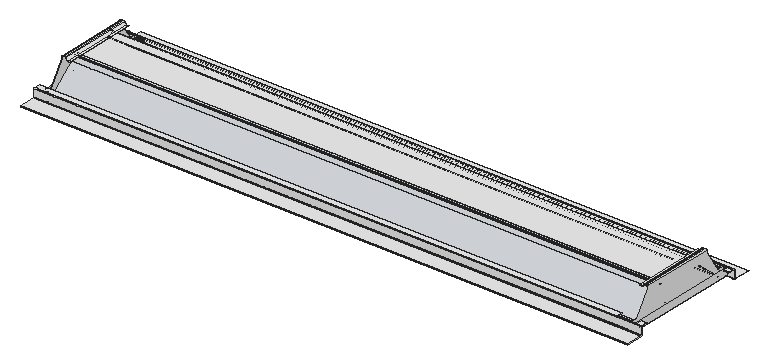
Revit family "LRK-TRH1X4", category Lighting Fixtures, host Ceiling, Revit 2019
Family settings
  Host = Ceiling
  Round Connector Dimension = Use Diameter
  Part Type = Normal
  OmniClass Number = 23.80.70.11.14.17
  OmniClass Title = Direct/Indirect
  Always vertical = Yes
  Cut with Voids When Loaded = No
  Light Source = Yes
  Shared = No
  Room Calculation Point = No
Parameters (values of type "LRK-TRH1X4-LED840K040LUNV")
  Width = 0' - 11 7/8"
  Wattage = 29 W
  built-in parameter 1150110 = 1 (stored number, unit not read)
  Voltage = 120 V
  URL = "https://www.viscor.com/en/products/lrk-trh"
  built-in parameter 1114217 = 0.9 (stored number, unit not read)
  Tilt Angle = 90.00°
  built-in parameter 1150109 = 1 (stored number, unit not read)
  built-in parameter 1150134 = 12
  built-in parameter 1150113 = 1 (stored number, unit not read)
  Photometric Web File = "LRK-TRH1X4-LED840K040LUNV.ies"
  Model = "LRK-TRH"  # constant formula
  Manufacturer = "VISIONEERING by VISCOR"  # constant formula
  Lumens = 3944 lm
  built-in parameter 1150115 = 1 (stored number, unit not read)
  built-in parameter 1150105 = 313.85 (stored number, unit not read)
  built-in parameter 1150137 = (empty or 0)
  built-in parameter 1150139 = (empty or 0)
  Lens Finish = Acrylic - Viscor - Frosted Round Linear Ribbed
  Lens Depth = 0' - 0 1/16"
  Length = 3' - 11 7/8"
  Lamp Wattage = 29 VA
  built-in parameter 1150112 = 1 (stored number, unit not read)
  built-in parameter 1150114 = 1 (stored number, unit not read)
  Lamp = "LED"  # constant formula
  built-in parameter 1150132 = (empty or 0)
  built-in parameter 1150102 = (empty or 0)
  built-in parameter 1150138 = (empty or 0)
  built-in parameter 1150107 = 4000 (stored number, unit not read)
  built-in parameter 1150106 = 3.1385 (stored number, unit not read)
  Housing Finish = Metal - Viscor - White
  Emit from Rectangle Width = Width  # 0' - 11 7/8"
  Emit from Rectangle Length = Length  # 3' - 11 7/8"
  Emit from Rectangle Height = Lens Depth  # 0' - 0 1/16"
  Emit Shape Visible in Rendering = no
  built-in parameter 1150104 = 12.635 (stored number, unit not read)
  Dimming Lamp Color Temperature Shift = <None>
  Description = "LED Recessed Troffer Retrofit Kit - Type H"  # constant formula
  Color Filter = 16777215
  built-in parameter 1114218 = 1 (stored number, unit not read)
  built-in parameter 1150133 = 10 (stored number, unit not read)
  Assembly Code = "D5020200"
  Apparent Load = Lamp Wattage  # 29 VA
Types (3): name | Wattage | Photometric Web File | Lumens | built-in parameter 1150105 | Lamp Wattage | built-in parameter 1150106 | built-in parameter 1150104 | Apparent Load
  (no name) | 29 W | "LRK-TRH1X4-LED840K040LUNV.ies" | 3944 lm | 313.85 (stored number, unit not read) | 29 VA | 3.1385 (stored number, unit not read) | 12.635 (stored number, unit not read) | 29 VA
  LRK-TRH1X4-LED840K032LUNV | 23 W | "LRK-TRH1X4-LED840K032LUNV.ies" | 3151 lm | 250.75 (stored number, unit not read) | 23 VA | 2.5075 (stored number, unit not read) | 12.728 (stored number, unit not read) | 23 VA
  LRK-TRH1X4-LED840K040LUNV | 29 W | "LRK-TRH1X4-LED840K040LUNV.ies" | 3944 lm | 313.85 (stored number, unit not read) | 29 VA | 3.1385 (stored number, unit not read) | 12.635 (stored number, unit not read) | 29 VA
Reference planes (in)
  plane 1 "Light Source Axis (F/B)": y = 0
  plane 2 "Ceiling": z = 96
  plane 3 "Light Source Axis (L/R)": x = 0
  plane 4 "Light Source Elevation": z = 95.9375
  plane 5: y = 5.9375
  plane 6: y = -5.9375
  plane 7: x = -23.9375
  plane 8: x = 23.9375
  plane 9 "Lens Depth": z = 95.9375
  plane 10: x = -23.3515
  plane 11: x = 23.3515
  plane 12: x = -23.062
  plane 13: x = 23.062
  plane 14: y = 4.5
  plane 15: y = -4.5
Forms (in)
  Extrusion 1, solid, material "Metal - Viscor - White" <- "Housing Finish"
    sketch origin (0, 0, 0) x (0, 1, 0) y (0, 0, 1)
      loop
        line (1.54863, 97.90646) -> (4.187, 95.999) -> (4.438, 95.999)
        arc (4.438, 95.999) -> (4.48184, 96.01716) -> (4.5, 96.061) r 0.062
        line (4.5, 96.061) -> (4.5, 96.625)
        arc (4.5, 96.625) -> (4.48184, 96.66884) -> (4.438, 96.687) r 0.062
        line (4.438, 96.687) -> (4.25, 96.687) -> (4.25, 96.65575) -> (4.438, 96.65575)
        arc (4.438, 96.65575) -> (4.45974, 96.64674) -> (4.46875, 96.625) r 0.03075
        line (4.46875, 96.625) -> (4.46875, 96.061)
        arc (4.46875, 96.061) -> (4.45974, 96.03926) -> (4.438, 96.03025) r 0.03075
        line (4.438, 96.03025) -> (4.19041, 96.03025) -> (1.55537, 97.93697)
        arc (1.55537, 97.93697) -> (1.53213, 97.95968) -> (1.54223, 97.99056) r 0.03075
        line (1.54223, 97.99056) -> (1.62626, 98.06106) -> (1.8147, 98.21919)
        arc (1.8147, 98.21919) -> (1.83556, 98.29703) -> (1.76955, 98.34325) r 0.07025
        line (1.76955, 98.34325) -> (-1.76955, 98.34325)
        arc (-1.76955, 98.34325) -> (-1.83556, 98.29703) -> (-1.8147, 98.21919) r 0.07025
        line (-1.8147, 98.21919) -> (-1.62626, 98.06106) -> (-1.54223, 97.99056)
        arc (-1.54223, 97.99056) -> (-1.53213, 97.95968) -> (-1.55537, 97.93697) r 0.03075
        line (-1.55537, 97.93697) -> (-4.19041, 96.03025) -> (-4.438, 96.03025)
        arc (-4.438, 96.03025) -> (-4.45974, 96.03926) -> (-4.46875, 96.061) r 0.03075
        line (-4.46875, 96.061) -> (-4.46875, 96.625)
        arc (-4.46875, 96.625) -> (-4.45974, 96.64674) -> (-4.438, 96.65575) r 0.03075
        line (-4.438, 96.65575) -> (-4.25, 96.65575) -> (-4.25, 96.687) -> (-4.438, 96.687)
        arc (-4.438, 96.687) -> (-4.48184, 96.66884) -> (-4.5, 96.625) r 0.062
        line (-4.5, 96.625) -> (-4.5, 96.061)
        arc (-4.5, 96.061) -> (-4.48184, 96.01716) -> (-4.438, 95.999) r 0.062
        line (-4.438, 95.999) -> (-4.187, 95.999) -> (-1.54863, 97.90646)
        arc (-1.54863, 97.90646) -> (-1.50178, 97.95224) -> (-1.52215, 98.01449) r 0.062
        line (-1.52215, 98.01449) -> (-1.60617, 98.085) -> (-1.79462, 98.24312)
        arc (-1.79462, 98.24312) -> (-1.8062, 98.28634) -> (-1.76955, 98.312) r 0.039
        line (-1.76955, 98.312) -> (1.76955, 98.312)
        arc (1.76955, 98.312) -> (1.8062, 98.28634) -> (1.79462, 98.24312) r 0.039
        line (1.79462, 98.24312) -> (1.60617, 98.085) -> (1.52215, 98.01449)
        arc (1.52215, 98.01449) -> (1.50178, 97.95224) -> (1.54863, 97.90646) r 0.062
    from -23.062 to 23.062
  Extrusion 2, solid, material "Metal - Viscor - White" <- "Housing Finish"
    sketch origin (0, 0, 0) x (0, 1, 0) y (0, 0, 1)
      loop
        arc (4.5235, 96.687) -> (4.55108, 96.67558) -> (4.5625, 96.648) r 0.039
        line (4.5625, 96.648) -> (4.5625, 96.069)
        arc (4.5625, 96.069) -> (4.58271, 96.02021) -> (4.6315, 96) r 0.069
        line (4.6315, 96) -> (5.9375, 96) -> (5.9375, 96.03125) -> (4.6315, 96.03125)
        arc (4.6315, 96.03125) -> (4.60481, 96.04231) -> (4.59375, 96.069) r 0.03775
        line (4.59375, 96.069) -> (4.59375, 96.648)
        arc (4.59375, 96.648) -> (4.57317, 96.69767) -> (4.5235, 96.71825) r 0.07025
        line (4.5235, 96.71825) -> (4.0625, 96.71825) -> (4.0625, 96.687) -> (4.5235, 96.687)
    from -23.9375 to 23.9375
  Extrusion 3, solid, material "Metal - Viscor - White" <- "Housing Finish"
    sketch origin (0, 0, 0) x (0, -1, 0) y (0, 0, -1)
      loop
        line (4.5235, -96.687) -> (4.0625, -96.687) -> (4.0625, -96.71825) -> (4.5235, -96.71825)
        arc (4.5235, -96.71825) -> (4.57317, -96.69767) -> (4.59375, -96.648) r 0.07025
        line (4.59375, -96.648) -> (4.59375, -96.069)
        arc (4.59375, -96.069) -> (4.60481, -96.04231) -> (4.6315, -96.03125) r 0.03775
        line (4.6315, -96.03125) -> (5.9375, -96.03125) -> (5.9375, -96) -> (4.6315, -96)
        arc (4.6315, -96) -> (4.58271, -96.02021) -> (4.5625, -96.069) r 0.069
        line (4.5625, -96.069) -> (4.5625, -96.648)
        arc (4.5625, -96.648) -> (4.55108, -96.67558) -> (4.5235, -96.687) r 0.039
    from -23.9375 to 23.9375
  Extrusion 4, solid, material "Metal - Viscor - White" <- "Housing Finish"
    sketch origin (0, 0, 0) x (1, 0, 0) y (0, 0, 1)
      loop
        line (-23.374, 96.648) -> (-23.374, 96.085)
        arc (-23.374, 96.085) -> (-23.35584, 96.04116) -> (-23.312, 96.023) r 0.062
        line (-23.312, 96.023) -> (-23.124, 96.023)
        arc (-23.124, 96.023) -> (-23.08016, 96.04116) -> (-23.062, 96.085) r 0.062
        line (-23.062, 96.085) -> (-23.062, 98.484)
        arc (-23.062, 98.484) -> (-23.05058, 98.51158) -> (-23.023, 98.523) r 0.039
        line (-23.023, 98.523) -> (-22.82953, 98.523)
        arc (-22.82953, 98.523) -> (-22.81354, 98.51957) -> (-22.80036, 98.50988) r 0.039
        line (-22.80036, 98.50988) -> (-22.66458, 98.35685)
        arc (-22.66458, 98.35685) -> (-22.64362, 98.34145) -> (-22.6182, 98.336) r 0.062
        line (-22.6182, 98.336) -> (-22.39608, 98.336) -> (-22.39608, 98.36725) -> (-22.63203, 98.36725) -> (-22.77699, 98.53062)
        arc (-22.77699, 98.53062) -> (-22.80073, 98.54807) -> (-22.82953, 98.55425) r 0.07025
        line (-22.82953, 98.55425) -> (-23.023, 98.55425)
        arc (-23.023, 98.55425) -> (-23.07267, 98.53367) -> (-23.09325, 98.484) r 0.07025
        line (-23.09325, 98.484) -> (-23.09325, 96.085)
        arc (-23.09325, 96.085) -> (-23.10226, 96.06326) -> (-23.124, 96.05425) r 0.03075
        line (-23.124, 96.05425) -> (-23.312, 96.05425)
        arc (-23.312, 96.05425) -> (-23.33374, 96.06326) -> (-23.34275, 96.085) r 0.03075
        line (-23.34275, 96.085) -> (-23.34275, 96.648) -> (-23.374, 96.648)
    from -4.5 to 4.5
  Extrusion 5, solid, material "Metal - Viscor - White" <- "Housing Finish"
    sketch origin (0, 0, 0) x (-1, 0, 0) y (0, 0, -1)
      loop
        line (-23.374, -96.648) -> (-23.34275, -96.648) -> (-23.34275, -96.085)
        arc (-23.34275, -96.085) -> (-23.33374, -96.06326) -> (-23.312, -96.05425) r 0.03075
        line (-23.312, -96.05425) -> (-23.124, -96.05425)
        arc (-23.124, -96.05425) -> (-23.10226, -96.06326) -> (-23.09325, -96.085) r 0.03075
        line (-23.09325, -96.085) -> (-23.09325, -98.484)
        arc (-23.09325, -98.484) -> (-23.07267, -98.53367) -> (-23.023, -98.55425) r 0.07025
        line (-23.023, -98.55425) -> (-22.82953, -98.55425)
        arc (-22.82953, -98.55425) -> (-22.80073, -98.54807) -> (-22.77699, -98.53062) r 0.07025
        line (-22.77699, -98.53062) -> (-22.63203, -98.36725) -> (-22.39608, -98.36725) -> (-22.39608, -98.336) -> (-22.6182, -98.336)
        arc (-22.6182, -98.336) -> (-22.64362, -98.34145) -> (-22.66458, -98.35685) r 0.062
        line (-22.66458, -98.35685) -> (-22.80036, -98.50988)
        arc (-22.80036, -98.50988) -> (-22.81354, -98.51957) -> (-22.82953, -98.523) r 0.039
        line (-22.82953, -98.523) -> (-23.023, -98.523)
        arc (-23.023, -98.523) -> (-23.05058, -98.51158) -> (-23.062, -98.484) r 0.039
        line (-23.062, -98.484) -> (-23.062, -96.085)
        arc (-23.062, -96.085) -> (-23.08016, -96.04116) -> (-23.124, -96.023) r 0.062
        line (-23.124, -96.023) -> (-23.312, -96.023)
        arc (-23.312, -96.023) -> (-23.35584, -96.04116) -> (-23.374, -96.085) r 0.062
        line (-23.374, -96.085) -> (-23.374, -96.648)
    from -4.5 to 4.5
  Extrusion 6, solid, material "Acrylic - Viscor - Frosted Round Linear Ribbed" <- "Lens Finish"
    sketch origin (0, 0, 0) x (0, 1, 0) y (0, 0, 1)
      loop
        arc (1.74413, 98.11758) -> (1.76336, 98.12963) -> (1.75896, 98.15188) r 0.02
        arc (1.75896, 98.15188) -> (1.73517, 98.16783) -> (1.70726, 98.17425) r 0.079
        line (1.70726, 98.17425) -> (1.59836, 98.179)
        arc (1.59836, 98.179) -> (1.50702, 98.15404) -> (1.44725, 98.0806) r 0.155
        line (1.44725, 98.0806) -> (1.41551, 97.99945)
        arc (1.41551, 97.99945) -> (1.42752, 97.86383) -> (1.54286, 97.79148) r 0.153
        line (1.54286, 97.79148) -> (1.97373, 97.74862)
        arc (1.97373, 97.74862) -> (2.00709, 97.73719) -> (2.03186, 97.7121) r 0.07705
        line (2.03186, 97.7121) -> (2.16058, 97.50129)
        arc (2.16058, 97.50129) -> (2.165, 97.48506) -> (2.16004, 97.46898) r 0.03019
        arc (2.16004, 97.46898) -> (0, 96.304) -> (-2.16004, 97.46898) r 2.585
        arc (-2.16004, 97.46898) -> (-2.165, 97.48506) -> (-2.16058, 97.50129) r 0.03019
        line (-2.16058, 97.50129) -> (-2.03186, 97.7121)
        arc (-2.03186, 97.7121) -> (-2.00709, 97.73719) -> (-1.97373, 97.74862) r 0.07705
        line (-1.97373, 97.74862) -> (-1.54286, 97.79148)
        arc (-1.54286, 97.79148) -> (-1.42752, 97.86383) -> (-1.41551, 97.99945) r 0.153
        line (-1.41551, 97.99945) -> (-1.44725, 98.0806)
        arc (-1.44725, 98.0806) -> (-1.50702, 98.15404) -> (-1.59836, 98.179) r 0.155
        line (-1.59836, 98.179) -> (-1.70726, 98.17425)
        arc (-1.70726, 98.17425) -> (-1.73517, 98.16783) -> (-1.75896, 98.15188) r 0.079
        arc (-1.75896, 98.15188) -> (-1.76336, 98.12963) -> (-1.74413, 98.11758) r 0.02
        line (-1.74413, 98.11758) -> (-1.59596, 98.12405)
        arc (-1.59596, 98.12405) -> (-1.53703, 98.10795) -> (-1.49847, 98.06057) r 0.1
        line (-1.49847, 98.06057) -> (-1.46673, 97.97942)
        arc (-1.46673, 97.97942) -> (-1.47442, 97.89255) -> (-1.5483, 97.84621) r 0.098
        line (-1.5483, 97.84621) -> (-1.97917, 97.80335)
        arc (-1.97917, 97.80335) -> (-2.03635, 97.78377) -> (-2.07881, 97.74076) r 0.13205
        line (-2.07881, 97.74076) -> (-2.20752, 97.52995)
        arc (-2.20752, 97.52995) -> (-2.21999, 97.48414) -> (-2.206, 97.43876) r 0.08519
        arc (-2.206, 97.43876) -> (0, 96.249) -> (2.206, 97.43876) r 2.64
        arc (2.206, 97.43876) -> (2.21999, 97.48414) -> (2.20752, 97.52995) r 0.08519
        line (2.20752, 97.52995) -> (2.07881, 97.74076)
        arc (2.07881, 97.74076) -> (2.03635, 97.78377) -> (1.97917, 97.80335) r 0.13205
        line (1.97917, 97.80335) -> (1.5483, 97.84621)
        arc (1.5483, 97.84621) -> (1.47442, 97.89255) -> (1.46673, 97.97942) r 0.098
        line (1.46673, 97.97942) -> (1.49847, 98.06057)
        arc (1.49847, 98.06057) -> (1.53703, 98.10795) -> (1.59596, 98.12405) r 0.1
        line (1.59596, 98.12405) -> (1.74413, 98.11758)
    from -23.062 to 23.062
  Extrusion 7, solid
    sketch origin (0, 0, 0) x (0, 1, 0) y (0, 0, 1)
      loop
        line (1.76955, 98.34325) -> (-1.76955, 98.34325)
        arc (-1.76955, 98.34325) -> (-1.83556, 98.29703) -> (-1.8147, 98.21919) r 0.07025
        line (-1.8147, 98.21919) -> (-1.62626, 98.06106) -> (-1.54223, 97.99056)
        arc (-1.54223, 97.99056) -> (-1.53213, 97.95968) -> (-1.55537, 97.93697) r 0.03075
        line (-1.55537, 97.93697) -> (-2.04361, 97.82916) -> (-4.19041, 96.03025) -> (-4.438, 96.03025)
        arc (-4.438, 96.03025) -> (-4.45974, 96.03926) -> (-4.46875, 96.061) r 0.03075
        line (-4.46875, 96.061) -> (-4.46875, 96.625)
        arc (-4.46875, 96.625) -> (-4.45974, 96.64674) -> (-4.438, 96.65575) r 0.03075
        line (-4.438, 96.65575) -> (-4.25, 96.65575) -> (-4.25, 96.687) -> (-4.438, 96.687)
        arc (-4.438, 96.687) -> (-4.48184, 96.66884) -> (-4.5, 96.625) r 0.062
        line (-4.5, 96.625) -> (-4.5, 96.061)
        arc (-4.5, 96.061) -> (-4.48184, 96.01716) -> (-4.438, 95.999) r 0.062
        line (-4.438, 95.999) -> (-4.17905, 95.999) -> (-2.0294, 97.8003) -> (-1.54863, 97.90646)
        arc (-1.54863, 97.90646) -> (-1.50178, 97.95224) -> (-1.52215, 98.01449) r 0.062
        line (-1.52215, 98.01449) -> (-1.60617, 98.085) -> (-1.79462, 98.24312)
        arc (-1.79462, 98.24312) -> (-1.8062, 98.28634) -> (-1.76955, 98.312) r 0.039
        line (-1.76955, 98.312) -> (1.76955, 98.312)
        arc (1.76955, 98.312) -> (1.8062, 98.28634) -> (1.79462, 98.24312) r 0.039
        line (1.79462, 98.24312) -> (1.60617, 98.085) -> (1.52215, 98.01449)
        arc (1.52215, 98.01449) -> (1.50178, 97.95224) -> (1.54863, 97.90646) r 0.062
        line (1.54863, 97.90646) -> (2.0294, 97.8003) -> (4.17905, 95.999) -> (4.438, 95.999)
        arc (4.438, 95.999) -> (4.48184, 96.01716) -> (4.5, 96.061) r 0.062
        line (4.5, 96.061) -> (4.5, 96.625)
        arc (4.5, 96.625) -> (4.48184, 96.66884) -> (4.438, 96.687) r 0.062
        line (4.438, 96.687) -> (4.25, 96.687) -> (4.25, 96.65575) -> (4.438, 96.65575)
        arc (4.438, 96.65575) -> (4.45974, 96.64674) -> (4.46875, 96.625) r 0.03075
        line (4.46875, 96.625) -> (4.46875, 96.061)
        arc (4.46875, 96.061) -> (4.45974, 96.03926) -> (4.438, 96.03025) r 0.03075
        line (4.438, 96.03025) -> (4.19041, 96.03025) -> (2.04361, 97.82916) -> (1.55537, 97.93697)
        arc (1.55537, 97.93697) -> (1.53213, 97.95968) -> (1.54223, 97.99056) r 0.03075
        line (1.54223, 97.99056) -> (1.62626, 98.06106) -> (1.8147, 98.21919)
        arc (1.8147, 98.21919) -> (1.83556, 98.29703) -> (1.76955, 98.34325) r 0.07025
    from -23.062 to 23.062
  Extrusion 8, void
    sketch origin (-23.062, 0, 98.484) x (0, 0, 1) y (0, 1, 0)
      loop
        line (-1.836, 3.94729) -> (-0.17975, 2.87171) -> (0.07025, 2.87171) -> (0.07025, 4.5) -> (-1.836, 4.5) -> (-1.836, 3.94729)
    from -0.66592 to 0.44508
  Extrusion 9, void
    sketch origin (-23.062, 0, 98.484) x (0, 0, 1) y (0, 1, 0)
      loop
        line (-1.836, -3.94729) -> (-1.836, -4.5) -> (0.07025, -4.5) -> (0.07025, -2.87171) -> (-0.17975, -2.87171) -> (-1.836, -3.94729)
    from -0.66592 to 0.44508
  Extrusion 10, void
    sketch origin (23.062, 0, 98.484) x (0, 0, 1) y (0, -1, 0)
      loop
        line (-1.836, -3.94729) -> (-1.836, -4.5) -> (0.07025, -4.5) -> (0.07025, -2.87171) -> (-0.17975, -2.87171) -> (-1.836, -3.94729)
    from -0.66592 to 0.44508
  Extrusion 11, void
    sketch origin (23.062, 0, 98.484) x (0, 0, 1) y (0, -1, 0)
      loop
        line (-1.836, 3.94729) -> (-0.17975, 2.87171) -> (0.07025, 2.87171) -> (0.07025, 4.5) -> (-1.836, 4.5) -> (-1.836, 3.94729)
    from -0.66592 to 0.44508
  Extrusion 12, void
    sketch origin (23.062, 0, 98.484) x (0, 0, 1) y (0, -1, 0)
      loop
        line (-0.17975, 2.87171) -> (0.07025, 2.87171) -> (0.07025, 4.5) -> (-1.836, 4.5) -> (-1.836, 3.94729) -> (-0.17975, 2.87171)
    from -1.09405 to 0.44508
  Extrusion 13, void
    sketch origin (23.062, 0, 98.484) x (0, 0, 1) y (0, -1, 0)
      loop
        line (-0.17975, -2.87171) -> (-1.836, -3.94729) -> (-1.836, -4.5) -> (0.07025, -4.5) -> (0.07025, -2.87171) -> (-0.17975, -2.87171)
    from -1.09405 to 0.44508
  Extrusion 14, void
    sketch origin (0, 0, 96) x (1, 0, 0) y (0, 1, 0)
      loop
        line (-24, -5.9375) -> (23.9375, -5.9375) -> (23.9375, 5.9375) -> (-24, 5.9375) -> (-24, -5.9375)
    from -0.2026 to 2.70224
Cuts and joins
  Extrusion 8, Extrusion 9, Extrusion 10 cuts Extrusion 2
  Extrusion 8, Extrusion 9, Extrusion 10, Extrusion 11 cuts Extrusion 4
  Extrusion 11, Extrusion 12, Extrusion 13 cuts Extrusion 3
  Extrusion 12, Extrusion 13 cuts Extrusion 5
Dimensions and locks (in)
  equal spacing: host sketch curve, plane 3 "Light Source Axis (L/R)", host sketch curve
  equal spacing: host sketch curve, plane 1 "Light Source Axis (F/B)", host sketch curve
  host sketch curve to host sketch curve = 10' - 0"  (x2)
  equal spacing: plane 7, plane 3 "Light Source Axis (L/R)", plane 8
  "Length": plane 7 to plane 8
  equal spacing: plane 5, plane 1 "Light Source Axis (F/B)", plane 6
  "Width": plane 5 to plane 6
  "Emit from Rectangle Height": plane 4 "Light Source Elevation" to plane 2 "Ceiling"
  "Lens Depth": plane 2 "Ceiling" to plane 9 "Lens Depth"
  locked: plane 7 to plane 10 at 0.586
  locked: plane 11 to plane 8 at 0.586
  locked: plane 12 to plane 10 at 0.2895
  locked: plane 11 to plane 13 at 0.2895
  locked: plane 5 to plane 14 at 1.4375
  locked: plane 15 to plane 6 at 1.4375
  aligned and locked: plane 3 "Light Source Axis (L/R)" to imposter light
  aligned and locked: plane 1 "Light Source Axis (F/B)" to imposter light
  aligned and locked: plane 4 "Light Source Elevation" to imposter light
  aligned and locked: plane 8 to Extrusion 2
  aligned and locked: Extrusion 2 to plane 7
  aligned and locked: Extrusion 3 to plane 7
  aligned and locked: plane 8 to Extrusion 3
  aligned and locked: plane 14 to Extrusion 4
  aligned and locked: Extrusion 4 to plane 15
  aligned and locked: plane 14 to Extrusion 5
  aligned and locked: Extrusion 5 to plane 15
  aligned and locked: plane 12 to Extrusion 6
  aligned and locked: Extrusion 6 to plane 13
  aligned and locked: plane 12 to Extrusion 1
  aligned and locked: Extrusion 1 to plane 13
  aligned and locked: plane 12 to Extrusion 7
  aligned and locked: Extrusion 7 to plane 13
Automatic sketch dimensions
  Extrusion 1 sketch curve to Extrusion 1 sketch curve = 0' - 0"  (x16)
  Extrusion 1 sketch curve to plane 15 = 0' - 0"
  Extrusion 1 sketch curve to plane 14 = 0' - 0"
  Extrusion 1 sketch curve to Extrusion 1 sketch curve = 0' - 0 1/32"
  Extrusion 1 sketch curve to Extrusion 1 sketch curve = 0' - 0.03075"  (x4)
  Extrusion 1 sketch curve to Extrusion 1 sketch curve = 0' - 0.188"
  plane 2 "Ceiling" to Extrusion 1 sketch curve = 0' - 0.03025"  (x2)
  Extrusion 1 sketch curve to Extrusion 1 sketch curve = 0' - 0.24759"
  Extrusion 1 sketch curve to Extrusion 1 sketch curve = 0' - 0.00341"  (x2)
  plane 1 "Light Source Axis (F/B)" to Extrusion 1 sketch curve = 0' - 1.8147"
  Extrusion 1 sketch curve to Extrusion 1 sketch curve = 0' - 0.02009"  (x6)
  Extrusion 1 sketch curve to Extrusion 1 sketch curve = 0' - 0.02507"  (x2)
  Extrusion 1 sketch curve to Extrusion 1 sketch curve = 0' - 0.18845"
  Extrusion 1 sketch curve to Extrusion 1 sketch curve = 0' - 0.06426"
  Extrusion 1 sketch curve to Extrusion 1 sketch curve = 0' - 0.00663"  (x2)
  Extrusion 1 sketch curve to Extrusion 1 sketch curve = 0' - 0.00674"  (x2)
  Extrusion 1 sketch curve to Extrusion 1 sketch curve = 0' - 0.01977"
  Extrusion 1 sketch curve to plane 1 "Light Source Axis (F/B)" = 0' - 1.52215"
  Extrusion 1 sketch curve to Extrusion 1 sketch curve = 0' - 0.0064"
  Extrusion 1 sketch curve to Extrusion 1 sketch curve = 0' - 0.08402"
  Extrusion 1 sketch curve to Extrusion 1 sketch curve = 0' - 0.16338"
  Extrusion 1 sketch curve to plane 2 "Ceiling" = 0' - 0.001"
  Extrusion 1 sketch curve to plane 14 = 0' - 0.313"
  Extrusion 1 sketch curve to Extrusion 1 sketch curve = 0' - 0 7/32"
  Extrusion 1 sketch curve to Extrusion 1 sketch curve = 0' - 0.564"  (x2)
  plane 2 "Ceiling" to Extrusion 1 sketch curve = 0' - 1.90646"  (x2)
  Extrusion 1 sketch curve to Extrusion 1 sketch curve = 0' - 0.03051"  (x2)
  Extrusion 1 sketch curve to Extrusion 1 sketch curve = 0' - 0.03003"  (x2)
  Extrusion 1 sketch curve to Extrusion 1 sketch curve = 0' - 0.07051"  (x2)
  Extrusion 1 sketch curve to Extrusion 1 sketch curve = 0' - 0.02394"  (x3)
  Extrusion 1 sketch curve to Extrusion 1 sketch curve = 0' - 0.15812"  (x2)
  Extrusion 1 sketch curve to Extrusion 1 sketch curve = 0' - 0.02988"
  Extrusion 2 sketch curve to Extrusion 2 sketch curve = 0' - 0"  (x4)
  Extrusion 2 sketch curve to plane 2 "Ceiling" = 0' - 0"
  Extrusion 2 sketch curve to plane 5 = 0' - 0"
  plane 14 to Extrusion 2 sketch curve = 0' - 0.1315"
  Extrusion 2 sketch curve to Extrusion 2 sketch curve = 0' - 0.03775"
  Extrusion 2 sketch curve to Extrusion 2 sketch curve = 0' - 0 1/32"
  plane 14 to Extrusion 2 sketch curve = 0' - 0.0235"
  Extrusion 2 sketch curve to plane 14 = 0' - 0 7/16"
  Extrusion 2 sketch curve to Extrusion 2 sketch curve = 0' - 0.579"
  Extrusion 3 sketch curve to Extrusion 3 sketch curve = 0' - 0"  (x4)
  Extrusion 3 sketch curve to plane 2 "Ceiling" = 0' - 0"
  Extrusion 3 sketch curve to plane 6 = 0' - 0"
  plane 15 to Extrusion 3 sketch curve = 0' - 0.1315"
  Extrusion 3 sketch curve to Extrusion 3 sketch curve = 0' - 0.03775"
  Extrusion 3 sketch curve to Extrusion 3 sketch curve = 0' - 0 1/32"
  plane 15 to Extrusion 3 sketch curve = 0' - 0.0235"
  Extrusion 3 sketch curve to plane 15 = 0' - 0 7/16"
  Extrusion 3 sketch curve to Extrusion 3 sketch curve = 0' - 0.579"
  Extrusion 4 sketch curve to Extrusion 4 sketch curve = 0' - 0"  (x8)
  plane 12 to Extrusion 4 sketch curve = 0' - 0"
  Extrusion 4 sketch curve to Extrusion 4 sketch curve = 0' - 0 1/32"  (x2)
  plane 2 "Ceiling" to Extrusion 4 sketch curve = 0' - 0.023"
  plane 12 to Extrusion 4 sketch curve = 0' - 0.062"
  plane 10 to Extrusion 4 sketch curve = 0' - 0.0395"
  plane 10 to Extrusion 4 sketch curve = 0' - 0.00875"
  Extrusion 4 sketch curve to plane 12 = 0' - 0.039"
  Extrusion 4 sketch curve to Extrusion 4 sketch curve = 0' - 0.19347"
  Extrusion 4 sketch curve to Extrusion 4 sketch curve = 0' - 0.02917"
  Extrusion 4 sketch curve to Extrusion 4 sketch curve = 0' - 0.02338"
  Extrusion 4 sketch curve to Extrusion 4 sketch curve = 0' - 0.13579"
  Extrusion 4 sketch curve to Extrusion 4 sketch curve = 0' - 0.03255"
  Extrusion 4 sketch curve to Extrusion 4 sketch curve = 0' - 0.01383"
  Extrusion 4 sketch curve to Extrusion 4 sketch curve = 0' - 0.22212"
  Extrusion 4 sketch curve to Extrusion 4 sketch curve = 0' - 0.563"
  Extrusion 4 sketch curve to Extrusion 4 sketch curve = 0' - 1.688"
  Extrusion 4 sketch curve to Extrusion 4 sketch curve = 0' - 0.02085"
  Extrusion 4 sketch curve to Extrusion 4 sketch curve = 0' - 0.12715"
  Extrusion 4 sketch curve to Extrusion 4 sketch curve = 0' - 0.039"
  Extrusion 5 sketch curve to Extrusion 5 sketch curve = 0' - 0"  (x8)
  plane 13 to Extrusion 5 sketch curve = 0' - 0"
  plane 13 to Extrusion 5 sketch curve = 0' - 0 1/32"
  Extrusion 5 sketch curve to plane 2 "Ceiling" = 0' - 0.023"
  plane 13 to Extrusion 5 sketch curve = 0' - 0.062"
  plane 11 to Extrusion 5 sketch curve = 0' - 0.0395"
  plane 11 to Extrusion 5 sketch curve = 0' - 0.00875"
  Extrusion 5 sketch curve to Extrusion 5 sketch curve = 0' - 0.039"  (x2)
  Extrusion 5 sketch curve to Extrusion 5 sketch curve = 0' - 0.19347"
  Extrusion 5 sketch curve to Extrusion 5 sketch curve = 0' - 0.02917"
  Extrusion 5 sketch curve to Extrusion 5 sketch curve = 0' - 0.02338"
  Extrusion 5 sketch curve to Extrusion 5 sketch curve = 0' - 0.13579"
  Extrusion 5 sketch curve to Extrusion 5 sketch curve = 0' - 0.03255"
  Extrusion 5 sketch curve to Extrusion 5 sketch curve = 0' - 0.01383"
  Extrusion 5 sketch curve to Extrusion 5 sketch curve = 0' - 0.22212"
  Extrusion 5 sketch curve to Extrusion 5 sketch curve = 0' - 0.563"
  Extrusion 5 sketch curve to Extrusion 5 sketch curve = 0' - 1.688"
  Extrusion 5 sketch curve to Extrusion 5 sketch curve = 0' - 0.02085"
  Extrusion 5 sketch curve to Extrusion 5 sketch curve = 0' - 0 1/32"
  Extrusion 5 sketch curve to Extrusion 5 sketch curve = 0' - 0.12715"
  Extrusion 6 sketch curve to Extrusion 6 sketch curve = 0' - 0"  (x20)
  Extrusion 6 sketch curve to plane 1 "Light Source Axis (F/B)" = 0' - 0"
  plane 1 "Light Source Axis (F/B)" to Extrusion 6 sketch curve = 0' - 1.41551"
  Extrusion 6 sketch curve to Extrusion 6 sketch curve = 0' - 0.03174"  (x2)
  Extrusion 6 sketch curve to Extrusion 6 sketch curve = 0' - 0.05122"  (x4)
  Extrusion 6 sketch curve to Extrusion 6 sketch curve = 0' - 0.07613"  (x2)
  Extrusion 6 sketch curve to Extrusion 6 sketch curve = 0' - 0.00544"  (x4)
  Extrusion 6 sketch curve to Extrusion 6 sketch curve = 0' - 0.09127"
  Extrusion 6 sketch curve to Extrusion 6 sketch curve = 0' - 0.0336"  (x2)
  Extrusion 6 sketch curve to Extrusion 6 sketch curve = 0' - 0.00436"  (x2)
  Extrusion 6 sketch curve to Extrusion 6 sketch curve = 0' - 0.0024"  (x2)
  Extrusion 6 sketch curve to Extrusion 6 sketch curve = 0' - 0.10785"  (x2)
  Extrusion 6 sketch curve to Extrusion 6 sketch curve = 0' - 0.00345"  (x2)
  Extrusion 6 sketch curve to Extrusion 6 sketch curve = 0' - 0.04032"  (x2)
  Extrusion 6 sketch curve to Extrusion 6 sketch curve = 0' - 0.00087"  (x2)
  Extrusion 6 sketch curve to Extrusion 6 sketch curve = 0' - 0.42325"  (x2)
  Extrusion 6 sketch curve to Extrusion 6 sketch curve = 0' - 0.00763"  (x2)
  Extrusion 6 sketch curve to Extrusion 6 sketch curve = 0' - 0.05813"  (x2)
  Extrusion 6 sketch curve to Extrusion 6 sketch curve = 0' - 0.04694"  (x4)
  Extrusion 6 sketch curve to Extrusion 6 sketch curve = 0' - 0.10295"  (x2)
  Extrusion 6 sketch curve to Extrusion 6 sketch curve = 0' - 0.02576"  (x2)
  Extrusion 6 sketch curve to plane 1 "Light Source Axis (F/B)" = 0' - 1.41551"
  Extrusion 6 sketch curve to Extrusion 6 sketch curve = 0' - 0.0097"
  plane 2 "Ceiling" to Extrusion 6 sketch curve = 0' - 1.52995"
  plane 2 "Ceiling" to Extrusion 6 sketch curve = 0' - 1.50129"
  Extrusion 6 sketch curve to Extrusion 6 sketch curve = 0' - 0.02866"  (x4)
  Extrusion 6 sketch curve to Extrusion 6 sketch curve = 0' - 0.01573"  (x2)
  Extrusion 6 sketch curve to Extrusion 6 sketch curve = 0' - 0.18639"  (x2)
  Extrusion 6 sketch curve to Extrusion 6 sketch curve = 0' - 0.04015"  (x2)
  Extrusion 6 sketch curve to Extrusion 6 sketch curve = 0' - 0.04286"  (x2)
  Extrusion 6 sketch curve to Extrusion 6 sketch curve = 0' - 0.05473"  (x2)
  Extrusion 6 sketch curve to Extrusion 6 sketch curve = 0' - 0.09752"  (x2)
  Extrusion 6 sketch curve to Extrusion 6 sketch curve = 0' - 0.08042"  (x2)
  Extrusion 6 sketch curve to Extrusion 6 sketch curve = 0' - 0.08115"  (x2)
  Extrusion 6 sketch curve to Extrusion 6 sketch curve = 0' - 0.02003"  (x2)
  Extrusion 6 sketch curve to Extrusion 6 sketch curve = 0' - 0.02873"  (x2)
  Extrusion 6 sketch curve to Extrusion 6 sketch curve = 0' - 0.02226"  (x2)
  Extrusion 6 sketch curve to Extrusion 6 sketch curve = 0' - 0.01998"  (x2)
  Extrusion 6 sketch curve to Extrusion 6 sketch curve = 0' - 0.03668"  (x2)
  Extrusion 6 sketch curve to Extrusion 6 sketch curve = 0' - 0.8084"
  Extrusion 7 sketch curve to Extrusion 7 sketch curve = 0' - 0"  (x16)
  Extrusion 7 sketch curve to plane 15 = 0' - 0"
  Extrusion 7 sketch curve to plane 14 = 0' - 0"
  plane 15 to Extrusion 7 sketch curve = 0' - 0 1/32"
  Extrusion 7 sketch curve to Extrusion 7 sketch curve = 0' - 0.03075"  (x3)
  Extrusion 7 sketch curve to Extrusion 7 sketch curve = 0' - 0.188"
  plane 2 "Ceiling" to Extrusion 7 sketch curve = 0' - 0.03025"  (x2)
  Extrusion 7 sketch curve to Extrusion 7 sketch curve = 0' - 0.24759"
  Extrusion 7 sketch curve to Extrusion 7 sketch curve = 0' - 0.01136"  (x2)
  plane 1 "Light Source Axis (F/B)" to Extrusion 7 sketch curve = 0' - 2.04361"
  Extrusion 7 sketch curve to Extrusion 7 sketch curve = 0' - 0.01421"  (x2)
  Extrusion 7 sketch curve to Extrusion 7 sketch curve = 0' - 0.2289"
  Extrusion 7 sketch curve to Extrusion 7 sketch curve = 0' - 0.02009"  (x6)
  Extrusion 7 sketch curve to Extrusion 7 sketch curve = 0' - 0.02507"  (x2)
  Extrusion 7 sketch curve to Extrusion 7 sketch curve = 0' - 0.18845"
  Extrusion 7 sketch curve to Extrusion 7 sketch curve = 0' - 0.06426"
  Extrusion 7 sketch curve to Extrusion 7 sketch curve = 0' - 0.00663"
  Extrusion 7 sketch curve to Extrusion 7 sketch curve = 0' - 0.00674"  (x2)
  Extrusion 7 sketch curve to Extrusion 7 sketch curve = 0' - 0.01977"  (x2)
  Extrusion 7 sketch curve to plane 1 "Light Source Axis (F/B)" = 0' - 1.52215"
  Extrusion 7 sketch curve to Extrusion 7 sketch curve = 0' - 0.0064"
  Extrusion 7 sketch curve to Extrusion 7 sketch curve = 0' - 0.08402"
  Extrusion 7 sketch curve to Extrusion 7 sketch curve = 0' - 0.16338"
  Extrusion 7 sketch curve to Extrusion 7 sketch curve = 0' - 0.2147"
  Extrusion 7 sketch curve to plane 2 "Ceiling" = 0' - 0.001"
  Extrusion 7 sketch curve to plane 14 = 0' - 0.32095"
  Extrusion 7 sketch curve to Extrusion 7 sketch curve = 0' - 0 7/32"
  Extrusion 7 sketch curve to plane 14 = 0' - 0.062"
  Extrusion 7 sketch curve to Extrusion 7 sketch curve = 0' - 0.564"  (x2)
  plane 2 "Ceiling" to Extrusion 7 sketch curve = 0' - 1.8003"  (x2)
  Extrusion 7 sketch curve to Extrusion 7 sketch curve = 0' - 0.02887"  (x2)
  Extrusion 7 sketch curve to Extrusion 7 sketch curve = 0' - 0.10616"  (x2)
  Extrusion 7 sketch curve to Extrusion 7 sketch curve = 0' - 0.03051"  (x2)
  Extrusion 7 sketch curve to Extrusion 7 sketch curve = 0' - 0.03003"  (x2)
  Extrusion 7 sketch curve to Extrusion 7 sketch curve = 0' - 0.07051"  (x2)
  Extrusion 7 sketch curve to Extrusion 7 sketch curve = 0' - 0.02394"  (x3)
  Extrusion 7 sketch curve to Extrusion 7 sketch curve = 0' - 0.15812"  (x2)
  Extrusion 7 sketch curve to Extrusion 7 sketch curve = 0' - 0.02988"
  Extrusion 8 sketch curve to Extrusion 4 = 0' - 0"
  Extrusion 8 sketch curve to Extrusion 4 = 0' - 0.563"
  Extrusion 4 to Extrusion 8 sketch curve = 0' - 0.17975"
  Extrusion 8 sketch curve to Extrusion 4 = 0' - 0.07025"
  Extrusion 8 sketch curve to Extrusion 4 = 0' - 0.55271"
  Extrusion 8 sketch curve to Extrusion 4 = 0' - 1.62829"
  Extrusion 9 sketch curve to Extrusion 4 = 0' - 0"
  Extrusion 9 sketch curve to Extrusion 4 = 0' - 0.563"
  Extrusion 4 to Extrusion 9 sketch curve = 0' - 0.17975"
  Extrusion 9 sketch curve to Extrusion 4 = 0' - 0.07025"
  Extrusion 9 sketch curve to Extrusion 9 sketch curve = 0' - 0.55271"
  Extrusion 9 sketch curve to Extrusion 4 = 0' - 1.62829"
  Extrusion 10 sketch curve to plane 14 = 0' - 0"
  plane 2 "Ceiling" to Extrusion 10 sketch curve = 0' - 0.648"
  Extrusion 10 sketch curve to Extrusion 10 sketch curve = 0' - 1 21/32"
  Extrusion 10 sketch curve to Extrusion 10 sketch curve = 0' - 0 1/4"
  Extrusion 10 sketch curve to plane 14 = 0' - 0.55271"
  Extrusion 10 sketch curve to plane 14 = 0' - 1.62829"
  Extrusion 11 sketch curve to plane 15 = 0' - 0"
  plane 2 "Ceiling" to Extrusion 11 sketch curve = 0' - 0.648"
  Extrusion 11 sketch curve to Extrusion 11 sketch curve = 0' - 1 21/32"
  Extrusion 11 sketch curve to Extrusion 11 sketch curve = 0' - 0 1/4"
  Extrusion 11 sketch curve to Extrusion 11 sketch curve = 0' - 0.55271"
  Extrusion 11 sketch curve to Extrusion 11 sketch curve = 0' - 1.62829"
  Extrusion 12 sketch curve to Extrusion 5 = 0' - 0"
  Extrusion 12 sketch curve to Extrusion 5 = 0' - 0.563"
  Extrusion 5 to Extrusion 12 sketch curve = 0' - 0.17975"
  Extrusion 12 sketch curve to Extrusion 5 = 0' - 0.07025"
  Extrusion 12 sketch curve to Extrusion 5 = 0' - 0.55271"
  Extrusion 12 sketch curve to Extrusion 5 = 0' - 1.62829"
  Extrusion 13 sketch curve to Extrusion 5 = 0' - 0"
  Extrusion 13 sketch curve to Extrusion 5 = 0' - 0.563"
  Extrusion 5 to Extrusion 13 sketch curve = 0' - 0.17975"
  Extrusion 13 sketch curve to Extrusion 5 = 0' - 0.07025"
  Extrusion 13 sketch curve to Extrusion 5 = 0' - 0.55271"
  Extrusion 13 sketch curve to Extrusion 5 = 0' - 1.62829"
  Extrusion 14 sketch curve to plane 7 = 0' - 0 1/16"
  plane 8 to Extrusion 14 sketch curve = 0' - 0"
  Extrusion 14 sketch curve to plane 6 = 0' - 0"
  Extrusion 14 sketch curve to Extrusion 14 sketch curve = 0' - 11 7/8"
Connectors (in)
  electrical at (0, 0, 96), driven by "Voltage", driven by "Apparent Load"
    settings: index 1, voltage 120 V, apparent load 0 VA, apparent load phase1 29 VA, apparent load phase2 0 VA, apparent load phase3 0 VA, power factor 1, load classification "Other", number of poles 1, system type 31, power factor state 1, is connector primary yes, connector utility no, sub classification motor no, connector description ""
